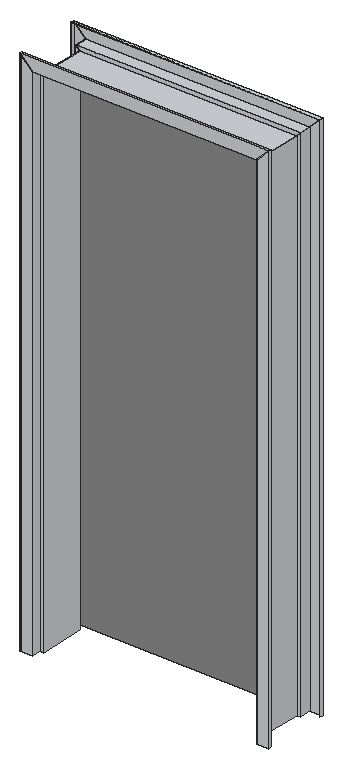
Revit family "Ext-Communicating-Door-MDMF-36 x 84", category Doors, host Wall, Revit 2014
Parameters (values of type "Ext-C-MDMF-36" x 84"")
  Width = Door Panel Width  # 3' - 0"
  Wall Thickness [instance] = 0' - 10 3/4"
  URL = ""
  Type Comments = "EXT,"
  Thickness = 0' - 1 3/4"
  Swing Angle [instance] = 90.00°
  SDI RO Spacing = 0' - 0"
  SDI Panel 1 Width = Leaf Width + 0' 0 3/16"  # 3' - 0"
  SDI No Panels = ""
  SDI HW Set [instance] = ""
  SDI HW Item LO-2 [instance] = ""
  SDI HW Item LO-1 [instance] = ""
  SDI HW Item KP-2 [instance] = ""
  SDI HW Item KP-1 [instance] = ""
  SDI HW Item HI-2 [instance] = ""
  SDI HW Item HI-1 [instance] = ""
  SDI HW Item HC-2 [instance] = ""
  SDI HW Item HC-1 [instance] = ""
  SDI HW Item ED-2 [instance] = ""
  SDI HW Item ED-1 [instance] = ""
  SDI HW Item DO-2 [instance] = ""
  SDI HW Item DO-1 [instance] = ""
  SDI HW Item CL-2 [instance] = ""
  SDI HW Item CL-1 [instance] = ""
  SDI Glass Material = none
  SDI Frame Type = "3 Piece"
  SDI Frame Material Type = "Hollow Metal"
  SDI Frame Material = Paint - Generic - Prime
  SDI Frame Manufacturer = ""
  SDI Frame Jamb Width = 0' - 2"
  SDI Frame Head Width = 0' - 2"
  SDI Frame Finish Type = "Painted"
  SDI Frame Finish Color = "Prime"
  SDI Frame Depth [instance] = 0' - 10 3/4"
  SDI Family Version = "1.0"
  SDI Door Top Rail Width = 0' - 7 3/4"
  SDI Door Stile Width = 0' - 6"
  SDI Door Panel Type = "N"
  SDI Door Material Type = "Hollow Metal"
  SDI Door Material = Paint - Generic - Prime
  SDI Door Manufacturer = ""
  SDI Door Glass Type = "1/4\" Tempered"
  SDI Door Finish Type = "Painted"
  SDI Door Finish Color = "Prime"
  SDI Door Configuration = "SG"
  SDI Door Bottom Rail Width = 5' - 0"
  SDI Arch Frame Type [instance] = ""
  SDI Arch Frame Material Type [instance] = "HM"
  SDI Arch Door Panel Type [instance] = "N"
  SDI Arch Door Material Type [instance] = "HM"
  Rough Width = Frame Width - 0' 0" + 2 * SDI RO Spacing  # 3' - 4"
  Rough Height = Frame Height - 0' 0" + SDI RO Spacing  # 7' - 2"
  R1 Height = 7' - 0"
  P1 Width = 3' - 2"
  Note = "Depths vary Depending on the Hardware Being Used"  # constant formula
  Model = "Ext-C-MDMF-36\" x 84\""
  Manufacturer = ""
  Leaf Width = P1 Width - 0' 2 3/16"  # 2' - 11 13/16"
  Height = Door Panel Height  # 7' - 0"
  Glass Offset [instance] = 0' 2 1/16" + (SDI Frame Depth - 0' 5 3/4") / 2  # 0' - 4 9/16"
  Function = Exterior
  Frame Width = P1 Width + 0' 2"  # 3' - 4"
  Frame Offset [instance] = 0' - 5 3/8"
  Frame Height = R1 Height + 0' 2"  # 7' - 2"
  Fire Rating = ""
  Exterior Glazing [instance] = no
  Door Panel Width = P1 Width - 0' 2"  # 3' - 0"
  Door Panel Height = R1 Height + 0' 2" - (0' 2")  # 7' - 0"
  Door Offset [instance] = 0' 2 13/16" + (SDI Frame Depth - 0' 5 3/4") / 2  # 0' - 5 5/16"
  Description = "Hollow Metal Door with Hollow Metal Frame"
  Cost = 0
  Assembly Code = "B2030120"
  Analytic Construction = "<None>"
  Aligned Other [instance] = 0' - 0"
  Aligned Interior [instance] = no
  Aligned Exterior [instance] = yes
  Aligned Center [instance] = no
  ADA Clearance Lines = no
Reference planes (in)
  plane 1: y = 0
  plane 2 "Center (Left/Right)": x = 0
  plane 3 "Wall Edge": y = 7.875
  plane 4 "Wall Interior": y = -2.875
  plane 5 "ModelRefLevel": z = 0
  plane 6 "FrameDepthPlane": y = 2.5
  plane 7 "FrameFront": y = 7.875
  plane 8 "FrameBack": y = -2.875
  plane 9 "V0": x = 19
  plane 10 "V1": x = -19
  plane 11 "H0": z = 1
  plane 12 "H1": z = 85
  plane 13 "DoorLeft": x = 18
  plane 14 "DoorRight": x = -18
  plane 15 "DoorCenter": x = 0
  plane 16 "DoorTop": z = 83.875
  plane 17 "DoorCenterTB": z = 41.9375
  plane 18 "DoorExtFace": y = 7.8125
  plane 19 "DoorGlassFace": y = 7.0625
  plane 20 "LockCenterLine": z = 32.5625
  plane 21 "DoorExtFace1": y = 4.5625
  plane 22 "GlassRight1": x = -11.90625
  plane 23 "ActDoorLeft": x = 17.90625
  plane 24 "SwingClrPlane": y = 67.875
  plane 25 "SwingPartialPlane": y = 55.875
  plane 26: x = -7.90625
  plane 27: x = -11.90625
  plane 28: z = 76.125
  plane 29: z = 51.125
Forms (in)
  Extrusion 1, solid
    sketch origin (138.6875, 0, 43) x (-1, 0, 0) y (0, -1, 0)
      loop
        line (118.6875, -7.375) -> (118.6875, -7.875) -> (120.6875, -7.875) -> (120.6875, -5.9375) -> (121.3125, -5.9375) -> (121.3125, 1.3125) -> (120.6875, 1.3125) -> (120.6875, 2.875) -> (118.6875, 2.875) -> (118.6875, 2.4375) -> (118.75, 2.4375) -> (118.75, 2.8125) -> (120.625, 2.8125) -> (120.625, 1.25) -> (121.25, 1.25) -> (121.25, -5.875) -> (120.625, -5.875) -> (120.625, -7.8125) -> (118.75, -7.8125) -> (118.75, -7.375) -> (118.6875, -7.375)
    from -43 to 43
  Extrusion 2, void
    sketch origin (0, 2.875, 0) x (1, 0, 0) y (0, 0, 1)
      loop
        line (20, 86) -> (17.375, 86) -> (17.375, 83.375) -> (20, 86)
    from -12 to 12
  Extrusion 3, solid
    sketch origin (101.3125, 0, 43) x (-1, 0, 0) y (0, -1, 0)
      loop
        line (121.25, -7.375) -> (121.25, -7.8125) -> (119.375, -7.8125) -> (119.375, -5.875) -> (118.75, -5.875) -> (118.75, 1.25) -> (119.375, 1.25) -> (119.375, 2.8125) -> (121.25, 2.8125) -> (121.25, 2.4375) -> (121.3125, 2.4375) -> (121.3125, 2.875) -> (119.3125, 2.875) -> (119.3125, 1.3125) -> (118.6875, 1.3125) -> (118.6875, -5.9375) -> (119.3125, -5.9375) -> (119.3125, -7.875) -> (121.3125, -7.875) -> (121.3125, -7.375) -> (121.25, -7.375)
    from -43 to 43
  Extrusion 4, void
    sketch origin (0, 2.875, 0) x (1, 0, 0) y (0, 0, 1)
      loop
        line (-20, 86) -> (-17.375, 83.375) -> (-17.375, 86) -> (-20, 86)
    from -12 to 12
  Extrusion 5, solid
    sketch origin (0, 0, 84.6875) x (0, 1, 0) y (0, 0, 1)
      loop
        line (7.375, 1.25) -> (7.8125, 1.25) -> (7.8125, -0.625) -> (5.875, -0.625) -> (5.875, -1.25) -> (-1.25, -1.25) -> (-1.25, -0.625) -> (-2.8125, -0.625) -> (-2.8125, 1.25) -> (-2.4375, 1.25) -> (-2.4375, 1.3125) -> (-2.875, 1.3125) -> (-2.875, -0.6875) -> (-1.3125, -0.6875) -> (-1.3125, -1.3125) -> (5.9375, -1.3125) -> (5.9375, -0.6875) -> (7.875, -0.6875) -> (7.875, 1.3125) -> (7.375, 1.3125) -> (7.375, 1.25)
    from -20 to 20
  Extrusion 6, void
    sketch origin (0, 2.875, 0) x (1, 0, 0) y (0, 0, 1)
      loop
        line (-20, 86) -> (-20, 83.375) -> (-17.375, 83.375) -> (-20, 86)
    from -12 to 12
  Extrusion 7, void
    sketch origin (0, 2.875, 0) x (1, 0, 0) y (0, 0, 1)
      loop
        line (20, 86) -> (17.375, 83.375) -> (20, 83.375) -> (20, 86)
    from -12 to 12
  Extrusion 8, solid, material "Paint - Generic - Prime" <- "SDI Door Material"
    sketch origin (-60, 2.8125, -12) x (1, 0, 0) y (0, 0, 1)
      loop
        line (77.90625, 12.625) -> (77.90625, 95.875) -> (42.09375, 95.875) -> (42.09375, 12.625) -> (77.90625, 12.625)
    from -5 to -3.25
Cuts and joins
  Extrusion 2 cuts Extrusion 1
  Extrusion 4 cuts Extrusion 3
  Extrusion 6, Extrusion 7 cuts Extrusion 5
Lines and regions (in)
  Opening 1
    outline origin (-60, -2.875, 0) x (1, 0, 0) y (0, 0, 1)
      loop
        line (80, 0) -> (80, 86) -> (40, 86) -> (40, 0) -> (80, 0)
  symbolic lines, style "DoorsFrameMullionProjection", detail levels fine
    curve 1: line (20, 7.375, 0) -> (20, 7.875, 0)
    curve 2: line (20, 7.875, 0) -> (18, 7.875, 0)
    curve 3: line (18, 7.875, 0) -> (18, 5.9375, 0)
    curve 4: line (18, 5.9375, 0) -> (17.375, 5.9375, 0)
    curve 5: line (17.375, 5.9375, 0) -> (17.375, -1.3125, 0)
    curve 6: line (17.375, -1.3125, 0) -> (18, -1.3125, 0)
    curve 7: line (18, -1.3125, 0) -> (18, -2.875, 0)
    curve 8: line (18, -2.875, 0) -> (20, -2.875, 0)
    curve 9: line (20, -2.875, 0) -> (20, -2.4375, 0)
    curve 10: line (20, -2.4375, 0) -> (19.9375, -2.4375, 0)
    curve 11: line (19.9375, -2.4375, 0) -> (19.9375, -2.8125, 0)
    curve 12: line (19.9375, -2.8125, 0) -> (18.0625, -2.8125, 0)
    curve 13: line (18.0625, -2.8125, 0) -> (18.0625, -1.25, 0)
    curve 14: line (18.0625, -1.25, 0) -> (17.4375, -1.25, 0)
    curve 15: line (17.4375, -1.25, 0) -> (17.4375, 5.875, 0)
    curve 16: line (17.4375, 5.875, 0) -> (18.0625, 5.875, 0)
    curve 17: line (18.0625, 5.875, 0) -> (18.0625, 7.8125, 0)
    curve 18: line (18.0625, 7.8125, 0) -> (19.9375, 7.8125, 0)
    curve 19: line (19.9375, 7.8125, 0) -> (19.9375, 7.375, 0)
    curve 20: line (19.9375, 7.375, 0) -> (20, 7.375, 0)
    curve 25: line (-19.9375, 7.375, 0) -> (-19.9375, 7.8125, 0)
    curve 26: line (-19.9375, 7.8125, 0) -> (-18.0625, 7.8125, 0)
    curve 27: line (-18.0625, 7.8125, 0) -> (-18.0625, 5.875, 0)
    curve 28: line (-18.0625, 5.875, 0) -> (-17.4375, 5.875, 0)
    curve 29: line (-17.4375, 5.875, 0) -> (-17.4375, -1.25, 0)
    curve 30: line (-17.4375, -1.25, 0) -> (-18.0625, -1.25, 0)
    curve 31: line (-18.0625, -1.25, 0) -> (-18.0625, -2.8125, 0)
    curve 32: line (-18.0625, -2.8125, 0) -> (-19.9375, -2.8125, 0)
    curve 33: line (-19.9375, -2.8125, 0) -> (-19.9375, -2.4375, 0)
    curve 34: line (-19.9375, -2.4375, 0) -> (-20, -2.4375, 0)
    curve 35: line (-20, -2.4375, 0) -> (-20, -2.875, 0)
    curve 36: line (-20, -2.875, 0) -> (-18, -2.875, 0)
    curve 37: line (-18, -2.875, 0) -> (-18, -1.3125, 0)
    curve 38: line (-18, -1.3125, 0) -> (-17.375, -1.3125, 0)
    curve 39: line (-17.375, -1.3125, 0) -> (-17.375, 5.9375, 0)
    curve 40: line (-17.375, 5.9375, 0) -> (-18, 5.9375, 0)
    curve 41: line (-18, 5.9375, 0) -> (-18, 7.875, 0)
    curve 42: line (-18, 7.875, 0) -> (-20, 7.875, 0)
    curve 43: line (-20, 7.875, 0) -> (-20, 7.375, 0)
    curve 44: line (-20, 7.375, 0) -> (-19.9375, 7.375, 0)
  symbolic lines, style "DoorsFrameMullionProjection", detail levels coarse+medium
    curve 21: line (18, -2.875, 0) -> (20, -2.875, 0)
    curve 22: line (18, 7.875, 0) -> (20, 7.875, 0)
    curve 23: line (18, -2.875, 0) -> (18, 7.875, 0)
    curve 24: line (20, -2.875, 0) -> (20, 7.875, 0)
    curve 45: line (-20, -2.875, 0) -> (-18, -2.875, 0)
    curve 46: line (-20, 7.875, 0) -> (-18, 7.875, 0)
    curve 47: line (-20, -2.875, 0) -> (-20, 7.875, 0)
    curve 48: line (-18, -2.875, 0) -> (-18, 7.875, 0)
  symbolic lines, style "Elevation Swing"
    curve 49: line (-17.90625, 2.875, 83.875) -> (17.90625, 2.875, 41.9375)
    curve 50: line (-17.90625, 2.875, 0) -> (17.90625, 2.875, 41.9375)
  symbolic lines, style "ADA Clearance", visible <- "ADA Clearance Lines"
    curve 51: line (20, 7.875, 0) -> (20, 67.875, 0)
    curve 52: line (-36, 67.875, 0) -> (20, 67.875, 0)
    curve 53: line (-36, 55.875, 0) -> (20, 55.875, 0)
    curve 54: line (-36, 7.875, 0) -> (-36, 67.875, 0)
    curve 55: line (20, -2.875, 0) -> (20, -50.875, 0)
    curve 56: line (-30, -50.875, 0) -> (20, -50.875, 0)
    curve 57: line (-30, -2.875, 0) -> (-30, -50.875, 0)
Text (in)
  text "Placement Side" at (0, 40.15149, 123.01588), in view "Right"
  text "Placement Side" at (-70.3804, 28.46503, 0), in view "Ref. Level"
  text "Placement Side" at (0, 81.62555, 140.59947), in view "Left"
Dimensions and locks (in)
  locked: plane 3 "Wall Edge" to host wall
  equal spacing: host wall, plane 2 "Center (Left/Right)", host wall
  "Rough Width": host wall to host wall
  "Rough Height": level to host wall
  plane 3 "Wall Edge" to plane 1 to plane 4 "Wall Interior" = 0' - 7 7/8", 0' - 2 7/8"
  "Wall Thickness": host wall to host wall
  "Frame Offset": plane 3 "Wall Edge" to plane 6 "FrameDepthPlane"
  equal spacing: plane 7 "FrameFront", plane 6 "FrameDepthPlane", plane 8 "FrameBack"
  "SDI Frame Depth": plane 7 "FrameFront" to plane 8 "FrameBack"
  equal spacing: plane 9 "V0", plane 2 "Center (Left/Right)", plane 10 "V1"
  "P1 Width": plane 9 "V0" to plane 10 "V1"
  "R1 Height": plane 11 "H0" to plane 12 "H1"
  locked: plane 12 "H1" to Extrusion 1 at 1
  locked: plane 11 "H0" to Extrusion 1 at 1
  locked: plane 9 "V0" to Extrusion 1 at 1  (x4)
  locked: plane 9 "V0" to Extrusion 1 at 0.9375  (x5)
  locked: plane 9 "V0" to Extrusion 1 at 1.5625
  locked: plane 9 "V0" to Extrusion 1 at 1.625
  locked: plane 12 "H1" to Extrusion 3 at 1
  locked: plane 11 "H0" to Extrusion 3 at 1
  locked: plane 10 "V1" to Extrusion 3 at 0.9375  (x4)
  locked: plane 10 "V1" to Extrusion 3 at 1  (x5)
  locked: plane 10 "V1" to Extrusion 3 at 1.625
  locked: plane 10 "V1" to Extrusion 3 at 1.5625
  locked: plane 9 "V0" to Extrusion 5 at 1
  locked: plane 10 "V1" to Extrusion 5 at 1
  locked: plane 12 "H1" to Extrusion 5 at 0.9375  (x5)
  locked: plane 12 "H1" to Extrusion 5 at 1.5625
  locked: plane 12 "H1" to Extrusion 5 at 1  (x4)
  locked: plane 12 "H1" to Extrusion 5 at 1.625
  locked: plane 7 "FrameFront" to cut or joined group of Extrusion 1, Extrusion 2 at 1.9375
  locked: plane 7 "FrameFront" to cut or joined group of Extrusion 1, Extrusion 2 at 2
  locked: plane 7 "FrameFront" to cut or joined group of Extrusion 1, Extrusion 2 at 0.0625
  locked: plane 7 "FrameFront" to cut or joined group of Extrusion 1, Extrusion 2 at 0.5
  locked: plane 8 "FrameBack" to cut or joined group of Extrusion 1, Extrusion 2 at 1.5625
  locked: plane 8 "FrameBack" to cut or joined group of Extrusion 1, Extrusion 2 at 0.4375
  locked: plane 8 "FrameBack" to cut or joined group of Extrusion 1, Extrusion 2 at 0.0625
  locked: plane 8 "FrameBack" to cut or joined group of Extrusion 1, Extrusion 2 at 1.625
  locked: plane 7 "FrameFront" to cut or joined group of Extrusion 3, Extrusion 4 at 0.0625
  locked: plane 7 "FrameFront" to cut or joined group of Extrusion 3, Extrusion 4 at 2
  locked: plane 7 "FrameFront" to cut or joined group of Extrusion 3, Extrusion 4 at 1.9375
  locked: plane 7 "FrameFront" to cut or joined group of Extrusion 3, Extrusion 4 at 0.5
  locked: plane 8 "FrameBack" to cut or joined group of Extrusion 3, Extrusion 4 at 1.625
  locked: plane 8 "FrameBack" to cut or joined group of Extrusion 3, Extrusion 4 at 0.0625
  locked: plane 8 "FrameBack" to cut or joined group of Extrusion 3, Extrusion 4 at 0.4375
  locked: plane 8 "FrameBack" to cut or joined group of Extrusion 3, Extrusion 4 at 1.5625
  locked: plane 7 "FrameFront" to cut or joined group of Extrusion 5, Extrusion 6, Extrusion 7 at 0.0625
  locked: plane 7 "FrameFront" to cut or joined group of Extrusion 5, Extrusion 6, Extrusion 7 at 2
  locked: plane 7 "FrameFront" to cut or joined group of Extrusion 5, Extrusion 6, Extrusion 7 at 1.9375
  locked: plane 7 "FrameFront" to cut or joined group of Extrusion 5, Extrusion 6, Extrusion 7 at 0.5
  locked: plane 8 "FrameBack" to cut or joined group of Extrusion 5, Extrusion 6, Extrusion 7 at 1.625
  locked: plane 8 "FrameBack" to cut or joined group of Extrusion 5, Extrusion 6, Extrusion 7 at 0.0625
  locked: plane 8 "FrameBack" to cut or joined group of Extrusion 5, Extrusion 6, Extrusion 7 at 0.4375
  locked: plane 8 "FrameBack" to cut or joined group of Extrusion 5, Extrusion 6, Extrusion 7 at 1.5625
  locked: plane 7 "FrameFront" to curve 4 at 1.9375
  locked: plane 7 "FrameFront" to curve 16 at 2
  locked: plane 7 "FrameFront" to curve 18 at 0.0625
  locked: plane 7 "FrameFront" to curve 20 at 0.5
  locked: plane 7 "FrameFront" to curve 26 at 0.0625
  locked: plane 7 "FrameFront" to curve 28 at 2
  locked: plane 7 "FrameFront" to curve 40 at 1.9375
  locked: plane 7 "FrameFront" to curve 44 at 0.5
  locked: plane 8 "FrameBack" to curve 6 at 1.5625
  locked: plane 8 "FrameBack" to curve 10 at 0.4375
  locked: plane 8 "FrameBack" to curve 12 at 0.0625
  locked: plane 8 "FrameBack" to curve 14 at 1.625
  locked: plane 8 "FrameBack" to curve 30 at 1.625
  locked: plane 8 "FrameBack" to curve 32 at 0.0625
  locked: plane 8 "FrameBack" to curve 34 at 0.4375
  locked: plane 8 "FrameBack" to curve 38 at 1.5625
  locked: plane 9 "V0" to plane 13 "DoorLeft" at 1
  locked: plane 10 "V1" to plane 14 "DoorRight" at 1
  locked: plane 12 "H1" to plane 16 "DoorTop" at 1.125
  equal spacing: plane 16 "DoorTop", plane 17 "DoorCenterTB", plane 5 "ModelRefLevel"
  "Door Offset": plane 6 "FrameDepthPlane" to plane 18 "DoorExtFace"
  "Glass Offset": plane 6 "FrameDepthPlane" to plane 19 "DoorGlassFace"
  plane 20 "LockCenterLine" to plane 5 "ModelRefLevel" = 2' - 8 9/16"
  locked: Extrusion 8 to Extrusion 8 at 1.75
  locked: plane 6 "FrameDepthPlane" to plane 21 "DoorExtFace1" at 2.0625
  locked: plane 14 "DoorRight" to plane 22 "GlassRight1" at 6.09375
  locked: plane 13 "DoorLeft" to Extrusion 8 at 0.09375
  locked: plane 14 "DoorRight" to Extrusion 8 at 0.09375
  locked: plane 5 "ModelRefLevel" to Extrusion 8 at 0.625
  locked: plane 13 "DoorLeft" to plane 23 "ActDoorLeft" at 0.09375
  locked: plane 3 "Wall Edge" to plane 24 "SwingClrPlane" at 60
  locked: plane 3 "Wall Edge" to plane 25 "SwingPartialPlane" at 48
  locked: plane 27 to plane 14 "DoorRight" at 6.09375
  plane 26 to plane 27 = 0' - 4"
  locked: plane 29 to plane 28 at 25
  locked: plane 28 to plane 12 "H1" at 8.875
  aligned and locked: plane 4 "Wall Interior" to host wall
  aligned and locked: cut or joined group of Extrusion 1, Extrusion 2 to plane 7 "FrameFront"
  aligned and locked: plane 8 "FrameBack" to cut or joined group of Extrusion 1, Extrusion 2
  aligned and locked: cut or joined group of Extrusion 3, Extrusion 4 to plane 7 "FrameFront"
  aligned and locked: plane 8 "FrameBack" to cut or joined group of Extrusion 3, Extrusion 4
  aligned and locked: cut or joined group of Extrusion 5, Extrusion 6, Extrusion 7 to plane 7 "FrameFront"
  aligned and locked: plane 8 "FrameBack" to cut or joined group of Extrusion 5, Extrusion 6, Extrusion 7
  aligned and locked: curve 2 to plane 7 "FrameFront"
  aligned and locked: plane 7 "FrameFront" to curve 22
  aligned and locked: curve 42 to plane 7 "FrameFront"
  aligned and locked: plane 7 "FrameFront" to curve 46
  aligned and locked: plane 8 "FrameBack" to curve 8
  aligned and locked: plane 8 "FrameBack" to curve 36
  aligned and locked: Extrusion 8 to plane 18 "DoorExtFace"
  aligned and locked: Extrusion 8 to plane 16 "DoorTop"
  aligned and locked: plane 7 "FrameFront" to nested 1
  aligned and locked: plane 23 "ActDoorLeft" to nested 1
  aligned and locked: plane 24 "SwingClrPlane" to curve 52
  aligned and locked: plane 25 "SwingPartialPlane" to curve 53
Automatic sketch dimensions
  Opening 1 sketch curve to level = 0' - 0"
  Opening 1 sketch curve to plane 2 "Center (Left/Right)" = 1' - 8"
  plane 2 "Center (Left/Right)" to Opening 1 sketch curve = 1' - 8"
  level to Opening 1 sketch curve = 7' - 2"
  Extrusion 2 sketch curve to plane 9 "V0" = 0' - 1 5/8"
  plane 9 "V0" to Extrusion 2 sketch curve = 0' - 1"
  plane 12 "H1" to Extrusion 2 sketch curve = 0' - 1 5/8"
  Extrusion 2 sketch curve to plane 12 "H1" = 0' - 1"
  host wall to Extrusion 1 sketch curve = 0' - 0"
  Extrusion 1 sketch curve to host wall = 0' - 0"
  Extrusion 1 sketch curve to host wall = 0' - 0 1/2"
  plane 2 "Center (Left/Right)" to Extrusion 1 sketch curve = 1' - 8"  (x2)
  Extrusion 1 sketch curve to host wall = 0' - 0 7/16"
  Extrusion 1 sketch curve to Extrusion 1 sketch curve = 0' - 0 1/16"  (x7)
  plane 2 "Center (Left/Right)" to Extrusion 1 sketch curve = 1' - 6 1/16"  (x2)
  Extrusion 1 sketch curve to host wall = 0' - 0 1/16"  (x2)
  Extrusion 1 sketch curve to Extrusion 1 sketch curve = 0' - 0 9/16"
  Extrusion 1 sketch curve to host wall = 0' - 3 7/16"
  host wall to Extrusion 1 sketch curve = 0' - 3 3/4"
  plane 9 "V0" to curve 1 = 0' - 1"
  curve 6 to curve 5 = 0' - 0 5/8"
  curve 7 to plane 9 "V0" = 0' - 1"
  curve 9 to curve 10 = 0' - 0 1/16"
  curve 12 to curve 7 = 0' - 0 1/16"
  curve 14 to curve 5 = 0' - 0 1/16"
  curve 16 to curve 3 = 0' - 0 1/16"
  curve 1 to curve 18 = 0' - 0 1/16"
  Extrusion 4 sketch curve to plane 10 "V1" = 0' - 1"
  plane 10 "V1" to Extrusion 4 sketch curve = 0' - 1 5/8"
  plane 12 "H1" to Extrusion 4 sketch curve = 0' - 1 5/8"
  Extrusion 4 sketch curve to plane 12 "H1" = 0' - 1"
  Extrusion 3 sketch curve to host wall = 0' - 0"
  host wall to Extrusion 3 sketch curve = 0' - 0"
  Extrusion 3 sketch curve to plane 2 "Center (Left/Right)" = 1' - 5 3/8"
  Extrusion 3 sketch curve to Extrusion 3 sketch curve = 0' - 0 1/16"  (x7)
  Extrusion 3 sketch curve to Extrusion 3 sketch curve = 0' - 0 9/16"  (x2)
  Extrusion 3 sketch curve to host wall = 0' - 0 7/16"
  Extrusion 3 sketch curve to plane 2 "Center (Left/Right)" = 1' - 7 15/16"  (x2)
  Extrusion 3 sketch curve to host wall = 0' - 0 1/2"
  Extrusion 3 sketch curve to host wall = 0' - 0 1/16"  (x2)
  Extrusion 3 sketch curve to host wall = 0' - 3 7/16"
  host wall to Extrusion 3 sketch curve = 0' - 3 3/4"
  plane 10 "V1" to curve 26 = 0' - 0 15/16"
  curve 29 to curve 30 = 0' - 0 5/8"
  curve 32 to plane 10 "V1" = 0' - 0 15/16"
  curve 33 to curve 34 = 0' - 0 1/16"
  curve 36 to curve 31 = 0' - 0 1/16"
  curve 38 to curve 29 = 0' - 0 1/16"
  curve 40 to curve 27 = 0' - 0 1/16"
  curve 25 to curve 42 = 0' - 0 1/16"
  Extrusion 6 sketch curve to plane 10 "V1" = 0' - 1"
  plane 10 "V1" to Extrusion 6 sketch curve = 0' - 1 5/8"
  plane 12 "H1" to Extrusion 6 sketch curve = 0' - 1 5/8"
  Extrusion 6 sketch curve to plane 12 "H1" = 0' - 1"
  Extrusion 7 sketch curve to plane 9 "V0" = 0' - 1 5/8"
  plane 9 "V0" to Extrusion 7 sketch curve = 0' - 1"
  plane 12 "H1" to Extrusion 7 sketch curve = 0' - 1 5/8"
  Extrusion 7 sketch curve to plane 12 "H1" = 0' - 1"
  Extrusion 5 sketch curve to host wall = 0' - 0"
  host wall to Extrusion 5 sketch curve = 0' - 0"
  Extrusion 5 sketch curve to host wall = 0' - 0 1/16"  (x2)
  Extrusion 5 sketch curve to Extrusion 5 sketch curve = 0' - 0 3/8"
  host wall to Extrusion 5 sketch curve = 0' - 3 13/16"
  Extrusion 5 sketch curve to Extrusion 5 sketch curve = 0' - 0 1/16"  (x7)
  Extrusion 5 sketch curve to host wall = 0' - 3 3/8"
  Extrusion 5 sketch curve to host wall = 0' - 0 1/2"
  level to Extrusion 5 sketch curve = 6' - 11 3/8"
  Extrusion 5 sketch curve to Extrusion 5 sketch curve = 0' - 0 9/16"  (x2)
  Extrusion 5 sketch curve to plane 11 "H0" = 7' - 0 15/16"  (x2)
  Extrusion 8 sketch curve to plane 16 "DoorTop" = 0' - 0"
  plane 14 "DoorRight" to Extrusion 8 sketch curve = 0' - 0 3/32"
  Extrusion 8 sketch curve to plane 13 "DoorLeft" = 0' - 0 3/32"
  plane 11 "H0" to Extrusion 8 sketch curve = 0' - 0 3/8"
  curve 49 to plane 16 "DoorTop" = 0' - 0"
  curve 49 to plane 17 "DoorCenterTB" = 0' - 0"
  plane 14 "DoorRight" to curve 49 = 0' - 0 3/32"
  curve 50 to level = 0' - 0"
  curve 50 to plane 23 "ActDoorLeft" = 0' - 0"
  plane 14 "DoorRight" to curve 50 = 0' - 0 3/32"
  curve 51 to host wall = 0' - 0"
  plane 9 "V0" to curve 51 = 0' - 1"
  curve 54 to host wall = 0' - 0"
  host wall to curve 55 = 0' - 0"
  plane 9 "V0" to curve 55 = 0' - 1"
  host wall to curve 55 = 4' - 0"
  curve 56 to plane 10 "V1" = 0' - 11"
  host wall to curve 57 = 0' - 0"
  curve 57 to curve 54 = 0' - 6"
Nested families (in)
  nested 1: "SingleDoorPlanLines" at (17.90625, 7.875, 0.625), type "SingleDoorPlanLines"
Definition of nested family "SingleDoorPlanLines"
  Parameters (values of type "SingleDoorPlanLines")
    Width = 3' - 0"
    URL = ""
    Thickness = 0' - 1 3/4"
    Analytic Construction = "<None>"
    Swing Angle = 90.00°
  Reference planes (in)
    plane 1 "Front": y = 0
    plane 2: z = 0
    plane 3 "Right": x = 0
    plane 4 "Left": x = -36
  Lines and regions (in)
    symbolic lines, style "DoorsPanelProjection"
      curve 1: line (0, 0, 0) -> (0, 36, 0)
      curve 2: line (0, 36, 0) -> (-1.75, 36, 0)
      curve 3: line (-1.75, 36, 0) -> (-1.75, 0, 0)
      curve 4: line (-1.75, 0, 0) -> (0, 0, 0)
    model lines, style "InvisibleLines", not visible
      curve 5: line (0, 0, 0) -> (-38.99851, -0.34033, 0)
    symbolic lines, style "Plan Swing"
      curve 6: arc (-35.99863, -0.31416, 0) -> (-25.56667, 25.34453, 0) -> (0, 36, 0) r 36
  Dimensions and locks (in)
    "Thickness": curve 3 to curve 1
    "Width": curve 2 to curve 4
    "Width": plane 4 "Left" to plane 3 "Right"
    "Swing Angle": angle curve 1 to plane 1 "Front"
    locked: plane 1 "Front" to curve 5 (angle 0.50°)
  Automatic sketch dimensions
    curve 6 to plane 1 "Front" = 0' - 0"
    curve 6 to plane 3 "Right" = 0' - 0"
    curve 4 to plane 1 "Front" = 0' - 0"
    curve 4 to plane 3 "Right" = 0' - 0"
